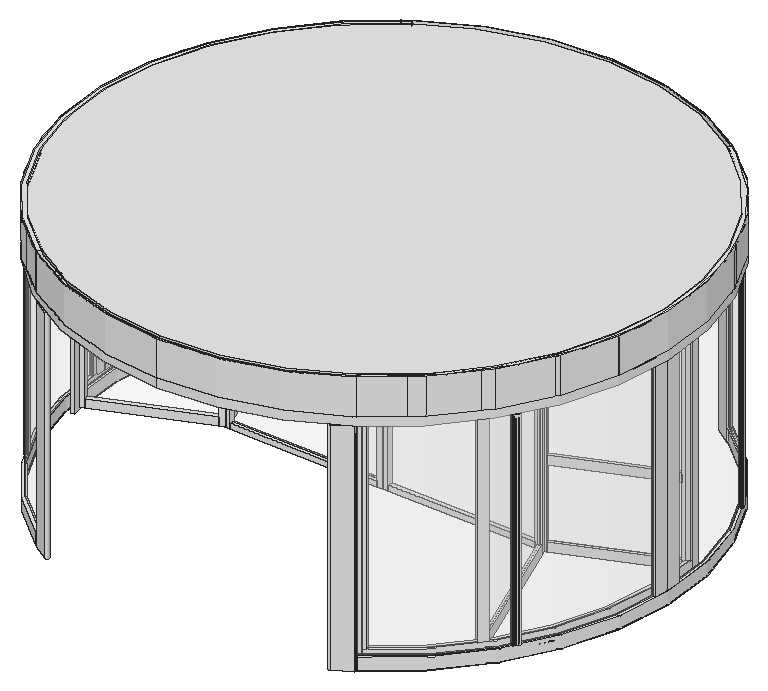
Revit family "Assa-Abloy_ Revolving_UniTurn", category Doors, host Wall, Revit 2019 (continued)
Lines and regions (mm)
  symbolic lines, detail levels medium+fine
    curve 510: line (2360.946, 1369.195, 2117.1) -> (2360.964, 1367.088, 2117.1)
    curve 511: arc (2360.964, 1367.088, 2117.1) -> (2361.175, 1366.482, 2117.1) -> (2361.709, 1366.129, 2117.1) r 1
    curve 512: arc (2361.709, 1366.129, 2117.1) -> (2363.764, 1363.844, 2117.1) -> (2362.484, 1361.05, 2117.1) r 2.8
    curve 513: arc (2362.484, 1361.05, 2117.1) -> (2359.348, 1361.158, 2117.1) -> (2358.282, 1364.111, 2117.1) r 2.8
    curve 514: arc (2358.282, 1364.111, 2117.1) -> (2358.232, 1364.749, 2117.1) -> (2357.805, 1365.227, 2117.1) r 1
    curve 515: line (2357.805, 1365.227, 2117.1) -> (2355.971, 1366.265, 2117.1)
    curve 516: line (2355.971, 1366.265, 2117.1) -> (2352.329, 1364.12, 2117.1)
    curve 517: line (2352.329, 1364.12, 2117.1) -> (2352.348, 1362.012, 2117.1)
    curve 518: arc (2352.348, 1362.012, 2117.1) -> (2352.558, 1361.407, 2117.1) -> (2353.093, 1361.054, 2117.1) r 1
    curve 519: arc (2353.093, 1361.054, 2117.1) -> (2355.12, 1358.923, 2117.1) -> (2354.125, 1356.156, 2117.1) r 2.8
    curve 520: arc (2354.125, 1356.156, 2117.1) -> (2350.861, 1355.994, 2117.1) -> (2349.666, 1359.035, 2117.1) r 2.8
    curve 521: arc (2349.666, 1359.035, 2117.1) -> (2349.616, 1359.674, 2117.1) -> (2349.189, 1360.152, 2117.1) r 1
    curve 522: line (2349.189, 1360.152, 2117.1) -> (2347.355, 1361.189, 2117.1)
    curve 523: line (2347.355, 1361.189, 2117.1) -> (2336.918, 1355.041, 2117.1)
    curve 524: line (2336.918, 1355.041, 2117.1) -> (2337.679, 1353.749, 2117.1)
    curve 525: line (2337.679, 1353.749, 2117.1) -> (2345.434, 1358.317, 2117.1)
    curve 526: arc (2345.434, 1358.317, 2117.1) -> (2346.192, 1358.423, 2117.1) -> (2346.803, 1357.963, 2117.1) r 1
    curve 527: line (2346.803, 1357.963, 2117.1) -> (2349.34, 1353.655, 2117.1)
    curve 528: arc (2349.34, 1353.655, 2117.1) -> (2349.447, 1352.897, 2117.1) -> (2348.986, 1352.285, 2117.1) r 1
    curve 529: line (2348.986, 1352.285, 2117.1) -> (2345.023, 1349.951, 2117.1)
    curve 530: arc (2345.023, 1349.951, 2117.1) -> (2344.644, 1349.897, 2117.1) -> (2344.338, 1350.128, 2117.1) r 0.5
    curve 531: line (2344.338, 1350.128, 2117.1) -> (2343.932, 1350.818, 2117.1)
    curve 532: arc (2343.932, 1350.818, 2117.1) -> (2343.879, 1351.197, 2117.1) -> (2344.109, 1351.502, 2117.1) r 0.5
    curve 533: line (2344.109, 1351.502, 2117.1) -> (2345.057, 1352.061, 2117.1)
    curve 534: arc (2345.057, 1352.061, 2117.1) -> (2345.287, 1352.366, 2117.1) -> (2345.234, 1352.745, 2117.1) r 0.5
    curve 535: arc (2345.234, 1352.745, 2117.1) -> (2344.928, 1352.975, 2117.1) -> (2344.549, 1352.922, 2117.1) r 0.5
    curve 536: line (2344.549, 1352.922, 2117.1) -> (2341.933, 1351.382, 2117.1)
    curve 537: line (2341.933, 1351.382, 2117.1) -> (2341.333, 1347.575, 2117.1)
    curve 538: line (2341.333, 1347.575, 2117.1) -> (2341.989, 1346.423, 2117.1)
    curve 539: line (2341.989, 1346.423, 2117.1) -> (2367.842, 1361.651, 2117.1)
    curve 540: arc (2367.842, 1361.651, 2117.1) -> (2370.116, 1361.971, 2117.1) -> (2371.949, 1360.589, 2117.1) r 3
    curve 541: line (2371.949, 1360.589, 2117.1) -> (2380.578, 1345.941, 2117.1)
    curve 542: arc (2380.578, 1345.941, 2117.1) -> (2379.958, 1343.545, 2117.1) -> (2377.562, 1344.165, 2117.1) r 1.75
    curve 543: arc (2377.562, 1344.165, 2117.1) -> (2376.443, 1345.437, 2117.1) -> (2374.933, 1346.204, 2117.1) r 4.5
    curve 544: arc (2374.933, 1346.204, 2117.1) -> (2374.089, 1346.068, 2117.1) -> (2373.659, 1345.33, 2117.1) r 1
    curve 545: arc (2373.659, 1345.33, 2117.1) -> (2373.824, 1344.833, 2117.1) -> (2374.3, 1344.613, 2117.1) r 0.661
    curve 546: arc (2374.3, 1344.613, 2117.1) -> (2374.824, 1344.439, 2117.1) -> (2375.303, 1344.166, 2117.1) r 2.8
    curve 547: arc (2375.303, 1344.166, 2117.1) -> (2376.484, 1341.905, 2117.1) -> (2375.342, 1339.624, 2117.1) r 2.8
    curve 548: arc (2375.342, 1339.624, 2117.1) -> (2372.082, 1339.585, 2117.1) -> (2370.994, 1342.657, 2117.1) r 2.8
    curve 549: arc (2370.994, 1342.657, 2117.1) -> (2371.061, 1343.142, 2117.1) -> (2370.765, 1343.533, 2117.1) r 0.64
    curve 550: arc (2370.765, 1343.533, 2117.1) -> (2369.869, 1343.577, 2117.1) -> (2369.298, 1342.886, 2117.1) r 1
    curve 551: arc (2369.298, 1342.886, 2117.1) -> (2369.238, 1341.192, 2117.1) -> (2369.807, 1339.597, 2117.1) r 4.5
    curve 552: line (2369.807, 1339.597, 2117.1) -> (2370.416, 1338.563, 2117.1)
    curve 553: arc (2370.416, 1338.563, 2117.1) -> (2370.629, 1337.047, 2117.1) -> (2369.708, 1335.825, 2117.1) r 2
    curve 554: line (2369.708, 1335.825, 2117.1) -> (2366.262, 1333.795, 2117.1)
    curve 555: line (2366.262, 1333.795, 2117.1) -> (2367.175, 1332.244, 2117.1)
    curve 556: line (2367.175, 1332.244, 2117.1) -> (2384.839, 1342.648, 2117.1)
    curve 557: line (2335.985, 1350.662, 2117.1) -> (2324.944, 1369.407, 2117.1)
    curve 558: line (2324.944, 1369.407, 2117.1) -> (2324.708, 1370.792, 2117.1)
    curve 559: line (2324.708, 1370.792, 2117.1) -> (2322.968, 1371.777, 2117.1)
    curve 560: line (2322.968, 1371.777, 2117.1) -> (2322.455, 1372.647, 2117.1)
    curve 561: line (2322.455, 1372.647, 2117.1) -> (2323.324, 1373.142, 2117.1)
    curve 562: line (2323.324, 1373.142, 2117.1) -> (2322.069, 1375.272, 2117.1)
    curve 563: line (2322.069, 1375.272, 2117.1) -> (2319.897, 1374.035, 2117.1)
    curve 564: line (2319.897, 1374.035, 2117.1) -> (2350.351, 1322.334, 2117.1)
    curve 565: line (2350.351, 1322.334, 2117.1) -> (2352.505, 1323.602, 2117.1)
    curve 566: line (2352.505, 1323.602, 2117.1) -> (2351.236, 1325.757, 2117.1)
    curve 567: line (2351.236, 1325.757, 2117.1) -> (2350.375, 1325.249, 2117.1)
    curve 568: line (2350.375, 1325.249, 2117.1) -> (2349.867, 1326.111, 2117.1)
    curve 569: line (2349.867, 1326.111, 2117.1) -> (2349.85, 1328.111, 2117.1)
    curve 570: line (2349.85, 1328.111, 2117.1) -> (2348.775, 1328.949, 2117.1)
    curve 571: line (2348.775, 1328.949, 2117.1) -> (2337.61, 1347.905, 2117.1)
    curve 572: arc (2337.61, 1347.905, 2117.1) -> (2337.503, 1348.663, 2117.1) -> (2337.964, 1349.274, 2117.1) r 1
    curve 573: line (2337.964, 1349.274, 2117.1) -> (2345.873, 1353.933, 2117.1)
    curve 574: arc (2345.873, 1353.933, 2117.1) -> (2345.274, 1354.546, 2117.1) -> (2344.42, 1354.47, 2117.1) r 1
    curve 575: line (2344.42, 1354.47, 2117.1) -> (2337.355, 1350.308, 2117.1)
    curve 576: arc (2337.355, 1350.308, 2117.1) -> (2336.597, 1350.202, 2117.1) -> (2335.985, 1350.662, 2117.1) r 1
    curve 586: line (2589.925, 537.908, 2197.1) -> (2550.514, 530.959, 2197.1)
    curve 587: arc (2550.514, 530.959, 2197.1) -> (2558.367, 491.731, 2197.1) -> (2565.616, 452.387, 2197.1) r 2605.195
    curve 588: line (2565.616, 452.387, 2197.1) -> (2605.008, 459.333, 2197.1)
    curve 589: arc (2605.008, 459.333, 2197.1) -> (2597.764, 498.678, 2197.1) -> (2589.925, 537.908, 2197.1) r 2645.195
    curve 590: line (2605.008, 459.333, 2197.1) -> (2565.616, 452.387, 2197.1)
    curve 591: arc (2565.616, 452.387, 2197.1) -> (2569.014, 432.677, 2197.1) -> (2572.26, 412.942, 2197.1) r 2605.195
    curve 592: line (2572.26, 412.942, 2197.1) -> (2611.656, 419.888, 2197.1)
    curve 593: arc (2611.656, 419.888, 2197.1) -> (2608.407, 439.623, 2197.1) -> (2605.008, 459.333, 2197.1) r 2645.195
    curve 594: line (2561.584, 474.686, 2197.1) -> (2512.771, 451.354, 2197.1)
    curve 595: line (2512.771, 451.354, 2197.1) -> (2532.819, 416.63, 2197.1)
    curve 596: line (2532.819, 416.63, 2197.1) -> (2568.758, 434.19, 2197.1)
    curve 597: arc (2568.758, 434.19, 2197.1) -> (2565.251, 454.452, 2197.1) -> (2561.584, 474.686, 2197.1) r 2605.195
    curve 598: line (2605.008, 459.333, 2197.1) -> (2565.616, 452.387, 2197.1)
    curve 599: arc (1494.278, -2134.051, 2197.1) -> (2406.886, -996.965, 2197.1) -> (2565.616, 452.387, 2197.1) r 2605.195
    curve 600: arc (1517.221, -2166.817, 2197.1) -> (2443.841, -1012.272, 2197.1) -> (2605.008, 459.333, 2197.1) r 2645.195
    curve 601: line (1517.221, -2166.817, 2197.1) -> (1494.278, -2134.051, 2197.1)
    curve 602: line (2189.512, -1484.282, 2197.1) -> (2145.134, -1453.208, 2197.1)
    curve 603: arc (2145.134, -1453.208, 2197.1) -> (2122.443, -1486.151, 2197.1) -> (2099.247, -1518.74, 2197.1) r 2591.025
    curve 604: line (2099.247, -1518.74, 2197.1) -> (2143.626, -1549.814, 2197.1)
    curve 605: arc (2143.626, -1549.814, 2197.1) -> (2166.817, -1517.221, 2197.1) -> (2189.512, -1484.282, 2197.1) r 2645.195
    curve 606: line (2128.308, -1440.096, 2197.1) -> (2091.189, -1455.274, 2197.1)
    curve 607: line (2091.189, -1455.274, 2197.1) -> (2105.389, -1498.625, 2197.1)
    curve 608: line (2105.389, -1498.625, 2197.1) -> (2110.909, -1502.49, 2197.1)
    curve 609: arc (2110.909, -1502.49, 2197.1) -> (2123.869, -1484.112, 2197.1) -> (2136.67, -1465.623, 2197.1) r 2591.025
    curve 610: line (2136.67, -1465.623, 2197.1) -> (2128.308, -1440.096, 2197.1)
    curve 611: arc (1494.278, -2134.051, 2197.1) -> (1461.332, -2156.745, 2197.1) -> (1428.042, -2178.93, 2197.1) r 2605.195
    curve 612: line (1428.042, -2178.93, 2197.1) -> (1450.995, -2211.712, 2197.1)
    curve 613: arc (1450.995, -2211.712, 2197.1) -> (1484.278, -2189.515, 2197.1) -> (1517.221, -2166.817, 2197.1) r 2645.195
    curve 614: line (1517.221, -2166.817, 2197.1) -> (1494.278, -2134.051, 2197.1)
    curve 615: arc (1526.868, -2110.856, 2197.1) -> (1510.618, -2122.516, 2197.1) -> (1494.278, -2134.051, 2197.1) r 2605.195
    curve 616: line (1494.278, -2134.051, 2197.1) -> (1517.221, -2166.817, 2197.1)
    curve 617: arc (1517.221, -2166.817, 2197.1) -> (1533.562, -2155.283, 2197.1) -> (1549.814, -2143.626, 2197.1) r 2645.195
    curve 618: line (1549.814, -2143.626, 2197.1) -> (1526.868, -2110.856, 2197.1)
    curve 619: arc (-2550.514, -530.959, 2197.1) -> (-2558.367, -491.731, 2197.1) -> (-2565.616, -452.387, 2197.1) r 2605.195
    curve 620: line (-2565.616, -452.387, 2197.1) -> (-2605.008, -459.333, 2197.1)
    curve 621: arc (-2605.008, -459.333, 2197.1) -> (-2597.764, -498.678, 2197.1) -> (-2589.925, -537.908, 2197.1) r 2645.195
    curve 622: line (-2589.925, -537.908, 2197.1) -> (-2550.514, -530.959, 2197.1)
    curve 623: line (-2572.234, -413.103, 2197.1) -> (-2611.631, -420.044, 2197.1)
    curve 624: arc (-2611.631, -420.044, 2197.1) -> (-2608.394, -439.701, 2197.1) -> (-2605.008, -459.333, 2197.1) r 2645.195
    curve 625: line (-2605.008, -459.333, 2197.1) -> (-2565.616, -452.387, 2197.1)
    curve 626: arc (-2565.616, -452.387, 2197.1) -> (-2569, -432.758, 2197.1) -> (-2572.234, -413.103, 2197.1) r 2605.195
    curve 627: line (-2565.616, -452.387, 2197.1) -> (-2605.008, -459.333, 2197.1)
    curve 628: arc (-2565.616, -452.387, 2197.1) -> (-2406.886, 996.965, 2197.1) -> (-1494.278, 2134.051, 2197.1) r 2605.195
    curve 629: arc (-2605.008, -459.333, 2197.1) -> (-2443.841, 1012.272, 2197.1) -> (-1517.221, 2166.817, 2197.1) r 2645.195
    curve 630: line (-1494.278, 2134.051, 2197.1) -> (-1517.221, 2166.817, 2197.1)
    curve 631: arc (-2567.421, -442.031, 2197.1) -> (-2564.554, -458.368, 2197.1) -> (-2561.584, -474.686, 2197.1) r 2605.195
    curve 632: line (-2561.584, -474.686, 2197.1) -> (-2516.356, -455.035, 2197.1)
    curve 633: line (-2516.356, -455.035, 2197.1) -> (-2532.296, -418.348, 2197.1)
    curve 634: line (-2532.296, -418.348, 2197.1) -> (-2567.421, -442.031, 2197.1)
    curve 635: arc (-2143.626, 1549.814, 2197.1) -> (-2166.817, 1517.221, 2197.1) -> (-2189.512, 1484.282, 2197.1) r 2645.195
    curve 636: line (-2189.512, 1484.282, 2197.1) -> (-2156.742, 1461.336, 2197.1)
    curve 637: arc (-2156.742, 1461.336, 2197.1) -> (-2134.051, 1494.278, 2197.1) -> (-2110.856, 1526.868, 2197.1) r 2605.195
    curve 638: line (-2110.856, 1526.868, 2197.1) -> (-2143.626, 1549.814, 2197.1)
    curve 639: line (-2105.827, 1498.931, 2197.1) -> (-2122.516, 1510.617, 2197.1)
    curve 640: arc (-2122.516, 1510.617, 2197.1) -> (-2134.051, 1494.278, 2197.1) -> (-2145.459, 1477.851, 2197.1) r 2605.195
    curve 641: line (-2145.459, 1477.851, 2197.1) -> (-2139.689, 1473.811, 2197.1)
    curve 642: line (-2139.689, 1473.811, 2197.1) -> (-2133.035, 1453.497, 2197.1)
    curve 643: line (-2133.035, 1453.497, 2197.1) -> (-2095.023, 1465.948, 2197.1)
    curve 644: line (-2095.023, 1465.948, 2197.1) -> (-2105.827, 1498.931, 2197.1)
    curve 645: arc (-1517.221, 2166.817, 2197.1) -> (-1533.562, 2155.283, 2197.1) -> (-1549.814, 2143.626, 2197.1) r 2645.195
    curve 646: line (-1549.814, 2143.626, 2197.1) -> (-1526.868, 2110.856, 2197.1)
    curve 647: arc (-1526.868, 2110.856, 2197.1) -> (-1510.618, 2122.516, 2197.1) -> (-1494.278, 2134.051, 2197.1) r 2605.195
    curve 648: line (-1494.278, 2134.051, 2197.1) -> (-1517.221, 2166.817, 2197.1)
    curve 649: arc (-1450.995, 2211.712, 2197.1) -> (-1484.278, 2189.515, 2197.1) -> (-1517.221, 2166.817, 2197.1) r 2645.195
    curve 650: line (-1517.221, 2166.817, 2197.1) -> (-1494.278, 2134.051, 2197.1)
    curve 651: arc (-1494.278, 2134.051, 2197.1) -> (-1461.332, 2156.745, 2197.1) -> (-1428.042, 2178.93, 2197.1) r 2605.195
    curve 652: line (-1428.042, 2178.93, 2197.1) -> (-1450.995, 2211.712, 2197.1)
    curve 653: line (-1525.231, 67.347, 2197.1) -> (-2098.716, 1466.263, 2197.1)
    curve 654: line (-2098.716, 1466.263, 2197.1) -> (-2135.727, 1451.09, 2197.1)
    curve 655: line (-2135.727, 1451.09, 2197.1) -> (-1562.242, 52.175, 2197.1)
    curve 656: line (-1562.242, 52.175, 2197.1) -> (-1525.231, 67.347, 2197.1)
    curve 661: line (-1561.334, -40.096, 2197.1) -> (-1577.274, -3.409, 2197.1)
    curve 662: line (-1577.274, -3.409, 2197.1) -> (-2532.296, -418.348, 2197.1)
    curve 663: line (-2532.296, -418.348, 2197.1) -> (-2516.356, -455.035, 2197.1)
    curve 664: line (-2516.356, -455.035, 2197.1) -> (-1561.334, -40.096, 2197.1)
    curve 669: line (1563.894, -2.404, 2197.1) -> (2529.826, 417.275, 2197.1)
    curve 670: line (2529.826, 417.275, 2197.1) -> (2513.886, 453.962, 2197.1)
    curve 671: line (2513.886, 453.962, 2197.1) -> (1547.954, 34.283, 2197.1)
    curve 672: line (1547.954, 34.283, 2197.1) -> (1563.894, -2.404, 2197.1)
    curve 677: line (2128.376, -1440.085, 2197.1) -> (1560.427, -48.013, 2197.1)
    curve 678: line (1560.427, -48.013, 2197.1) -> (1523.391, -63.123, 2197.1)
    curve 679: line (1523.391, -63.123, 2197.1) -> (2091.34, -1455.196, 2197.1)
    curve 680: line (2091.34, -1455.196, 2197.1) -> (2128.376, -1440.085, 2197.1)
    curve 685: line (-1525.231, 67.347, 2117.1) -> (-1562.242, 52.175, 2117.1)
    curve 686: line (-1562.242, 52.175, 2117.1) -> (-1545.173, 10.538, 2117.1)
    curve 687: line (-1545.173, 10.538, 2117.1) -> (-1577.274, -3.409, 2117.1)
    curve 688: line (-1577.274, -3.409, 2117.1) -> (-1561.334, -40.096, 2117.1)
    curve 689: line (-1561.334, -40.096, 2117.1) -> (-1511.65, -18.509, 2117.1)
    curve 690: line (-1511.65, -18.509, 2117.1) -> (-1527.721, 20.693, 2117.1)
    curve 691: line (-1527.721, 20.693, 2117.1) -> (-1510.268, 30.848, 2117.1)
    curve 692: line (-1510.268, 30.848, 2117.1) -> (-1525.231, 67.347, 2117.1)
    curve 693: line (-1467.237, 20, 2197.1) -> (-1519.238, 20, 2197.1)
    curve 694: line (-1519.238, 20, 2197.1) -> (-1519.238, -20, 2197.1)
    curve 695: line (-1519.238, -20, 2197.1) -> (-1467.237, -20, 2197.1)
    curve 696: line (-1467.237, -20, 2197.1) -> (-1467.237, 20, 2197.1)
    curve 697: line (-52, 20, 2197.1) -> (-1467.237, 20, 2197.1)
    curve 698: line (-1467.237, 20, 2197.1) -> (-1467.237, -20, 2197.1)
    curve 699: line (-1467.237, -20, 2197.1) -> (-52, -20, 2197.1)
    curve 700: line (-52, 20, 2197.1) -> (-52, -20, 2197.1)
    curve 705: line (0, 20, 2197.1) -> (-52, 20, 2197.1)
    curve 706: line (-52, 20, 2197.1) -> (-52, -20, 2197.1)
    curve 707: line (-52, -20, 2197.1) -> (0, -20, 2197.1)
    curve 708: line (0, -20, 2197.1) -> (0, 20, 2197.1)
    curve 709: line (52, 20, 2197.1) -> (0, 20, 2197.1)
    curve 710: line (0, 20, 2197.1) -> (0, -20, 2197.1)
    curve 711: line (0, -20, 2197.1) -> (52, -20, 2197.1)
    curve 712: line (52, -20, 2197.1) -> (52, 20, 2197.1)
    curve 713: line (1467.237, 20, 2197.1) -> (52, 20, 2197.1)
    curve 714: line (52, -20, 2197.1) -> (52, 20, 2197.1)
    curve 715: line (52, -20, 2197.1) -> (1467.237, -20, 2197.1)
    curve 716: line (1467.237, -20, 2197.1) -> (1467.237, 20, 2197.1)
    curve 721: line (1519.237, 20, 2197.1) -> (1467.237, 20, 2197.1)
    curve 722: line (1467.237, 20, 2197.1) -> (1467.237, -20, 2197.1)
    curve 723: line (1467.237, -20, 2197.1) -> (1519.237, -20, 2197.1)
    curve 724: line (1519.237, -20, 2197.1) -> (1519.237, 20, 2197.1)
    curve 725: line (1548.344, 34.452, 2197.1) -> (1511.68, 18.523, 2197.1)
    curve 726: line (1511.68, 18.523, 2197.1) -> (1526.795, -18.523, 2197.1)
    curve 727: line (1526.795, -18.523, 2197.1) -> (1508.447, -26.495, 2197.1)
    curve 728: line (1508.447, -26.495, 2197.1) -> (1523.561, -63.54, 2197.1)
    curve 729: line (1523.561, -63.54, 2197.1) -> (1560.326, -47.566, 2197.1)
    curve 730: line (1560.326, -47.566, 2197.1) -> (1545.165, -10.541, 2197.1)
    curve 731: line (1545.165, -10.541, 2197.1) -> (1563.505, -2.573, 2197.1)
    curve 732: line (1563.505, -2.573, 2197.1) -> (1548.344, 34.452, 2197.1)
    curve 734: arc (-2724.986, -136.21, 2117.1) -> (-2727.821, -68.48, 2117.1) -> (-2728.779, -0.697, 2117.1) r 2447.41
Text (mm)
  text "Exterior" at (-2295.016, 1099.543, 0), in view "Ref. Level"
  text "Exterior" at (0, 1615.38, 3698.081), in view "Left"
  text "Exterior" at (0, 1036.032, 3874.932), in view "Right"
Dimensions and locks
  equal spacing: plane 3 "Left", plane 2 "Center (Left/Right)", plane 4 "Right"
  "Width": plane 3 "Left" to plane 4 "Right"
  "Height": host wall to plane 12
  host wall to plane 5 = 8' - 4"
  locked: plane 6 "Exterior" to host wall at 0
  locked: plane 7 "Interior" to host wall
  "TW": plane 8 to plane 9
  equal spacing: plane 8, plane 2 "Center (Left/Right)", plane 9
  "Distance": plane 10 to plane 8
  "Distance": plane 9 to plane 11
  "Ref line width": curve 1 to curve 1
  "Ref line width": curve 2 to curve 2
  "Top Height Calc": plane 5 to plane 12
  "Radius 1": curve 4 to curve 4
  "Radius 1": curve 5 to curve 5
  "Radius 1": curve 6 to curve 6
  "Radius 1": curve 7 to curve 7
  "Radius 1": curve 8 to curve 8
  "Radius 1": curve 9 to curve 9
  "Radius 1": curve 10 to curve 10
  Sweep 16 sketch curve to Sweep 16 sketch curve to Sweep 16 sketch curve to Sweep 16 sketch curve to Sweep 16 sketch curve to Sweep 16 sketch curve to Sweep 16 sketch curve to Sweep 16 sketch curve to curve 10 to Sweep 16 sketch curve to Sweep 16 sketch curve = 0' - 0.03574" locked, 0' - 0.0292" locked, 0' - 0.02618" locked, 0' - 0.10641" locked, 0' - 0.02921" locked, 0' - 0.19103" locked, 0' - 0.03232" locked, 0' - 5.16789" locked, 0' - 1.99675" locked, 0' - 0.08874" locked
  "Radius 1": curve 11 to curve 11
  "Radius 1": curve 12 to curve 12
  "Radius 1": curve 13 to curve 13
  Sweep 16 sketch curve to Sweep 16 sketch curve to Sweep 16 sketch curve to Sweep 16 sketch curve to Sweep 16 sketch curve to Sweep 16 sketch curve = 0' - 0.32786" locked, 0' - 0.37447" locked, 0' - 0 1/128" locked, 0' - 0.45826" locked, 0' - 0.405" locked
  Sweep 19 sketch curve to Sweep 19 sketch curve to Sweep 19 sketch curve to Sweep 19 sketch curve to Sweep 19 sketch curve to Sweep 19 sketch curve to Sweep 19 sketch curve to profile plane to Sweep 19 sketch curve to Sweep 19 sketch curve = 0' - 0.03574" locked, 0' - 0.0292" locked, 0' - 0.02618" locked, 0' - 0.10641" locked, 0' - 0.02921" locked, 0' - 0.19103" locked, 0' - 5.20907" locked, 0' - 1.98788" locked, 0' - 0.08874" locked
  Sweep 17 sketch curve to Sweep 17 sketch curve to profile plane to Sweep 17 sketch curve to Sweep 17 sketch curve to Sweep 17 sketch curve to Sweep 17 sketch curve to Sweep 17 sketch curve to Sweep 17 sketch curve to Sweep 17 sketch curve = 0' - 0.08874" locked, 0' - 1.98788" locked, 0' - 5.20907" locked, 0' - 0.19103" locked, 0' - 0.02921" locked, 0' - 0.10641" locked, 0' - 0.02618" locked, 0' - 0.0292" locked, 0' - 0.03574" locked
  Sweep 18 sketch curve to Sweep 18 sketch curve to Sweep 18 sketch curve to Sweep 18 sketch curve to Sweep 18 sketch curve to Sweep 18 sketch curve to Sweep 18 sketch curve to profile plane to Sweep 18 sketch curve to Sweep 18 sketch curve = 0' - 0.03574" locked, 0' - 0.0292" locked, 0' - 0.02618" locked, 0' - 0.10641" locked, 0' - 0.02921" locked, 0' - 0.19103" locked, 0' - 5.20907" locked, 0' - 1.98788" locked, 0' - 0.08874" locked
  locked: Extrusion 8 to plane 12 at 26
  plane 12 to Sweep 20 sketch curve to Sweep 20 sketch curve = 0' - 2.55906" locked, 0' - 0.59055" locked
  Sweep 15 sketch curve to Sweep 15 sketch curve to Sweep 15 sketch curve to Sweep 15 sketch curve to Sweep 15 sketch curve to plane 4 "Right" = 0' - 2.3622" locked, 0' - 3.54331" locked, 0' - 0.15748" locked, 0' - 0.43418" locked, 0' - 1.73117" locked
  "Ref line width": curve 16 to curve 16
  "Ref line width": curve 17 to curve 17
  locked: Sweep 21 sketch curve to Sweep 21 sketch curve at 52  (x2)
  Sweep 20 to Sweep 22 sketch curve = 0' - 1.10236"
  Extrusion 23 sketch curve to curve 17 to Extrusion 23 sketch curve = 0' - 0.11811" locked, 0' - 0.11811" locked
  locked: Sweep 24 sketch curve to profile plane at 52
  locked: Sweep 24 sketch curve to Sweep 24 sketch curve at 52
  Extrusion 26 sketch curve to curve 16 to Extrusion 26 sketch curve = 0' - 0.11811" locked, 0' - 0.11811" locked
  "DR Distance": curve 18 to curve 18
  "DR Distance": curve 19 to curve 19
  locked: plane 12 to Extrusion 26 at 52
  plane 12 to Extrusion 28 = 0' - 0"
  locked: Extrusion 28 sketch curve to Extrusion 28 sketch curve at 80
  locked: Extrusion 28 sketch curve to curve 19 at 0
  plane 12 to Sweep 27 sketch curve to Sweep 27 sketch curve to Sweep 27 sketch curve to Sweep 27 sketch curve to Sweep 27 sketch curve = 0' - 0.07997" locked, 0' - 0.03755" locked, 0' - 0.07835" locked, 0' - 2.36162" locked, 0' - 0.59212" locked
  "DR Distance": curve 20 to curve 20
  locked: curve 20 to curve 21 at 5
  curve 16 to curve 21 = 0' - 0"
  locked: curve 21 to curve 16
  Extrusion 29 sketch curve to curve 20 to Extrusion 29 sketch curve = 0' - 1.5748" locked, 0' - 1.5748" locked
  locked: Extrusion 29 sketch curve to curve 19 at 0
  locked: plane 13 to plane 12 at 80
  Sweep 31 sketch curve to curve 20 to Sweep 31 sketch curve to Sweep 31 sketch curve to Sweep 31 sketch curve = 0' - 0.7874" locked, 0' - 0.03232" locked, 0' - 0.75508" locked, 0' - 0.50488" locked
  locked: curve 19 to Extrusion 28 sketch curve at 80
  locked: curve 18 to Extrusion 29 sketch curve at 40
  Sweep 31 sketch curve to curve 22 to Sweep 31 sketch curve = 0' - 0.7874" locked, 0' - 0.7874" locked
  Sweep 31 sketch curve to Sweep 31 sketch curve to Sweep 31 sketch curve = 0' - 0.44527" locked, 0' - 0.86072" locked
  locked: Sweep 32 sketch curve to level at 52
  Sweep 32 sketch curve to profile plane to Sweep 32 sketch curve = 0' - 0.7874" locked, 0' - 0.7874" locked
  Sweep 32 sketch curve to curve 22 to Sweep 32 sketch curve = 0' - 0.7874" locked, 0' - 0.7874" locked
  Sweep 32 sketch curve to Sweep 32 sketch curve = 0' - 1.37795"
  locked: plane 12 to Sweep 25 sketch curve at 52
  locked: Sweep 22 sketch curve to plane 12 at 52
  plane 5 to Sweep 15 sketch curve to Sweep 15 sketch curve to Sweep 15 sketch curve = 0' - 0.63419" locked, 0' - 1.55917" locked, 0' - 0.98425" locked
  Sweep 15 sketch curve to Sweep 15 sketch curve to plane 12 = 0' - 0.98425" locked, 0' - 3.14961" locked
  Sweep 31 sketch curve to plane 5 = 1' - 1 1/2"
  locked: Sweep 31 sketch curve to plane 13 at 80
  locked: plane 14 to level at 52
  Extrusion 37 sketch curve to curve 21 to Extrusion 37 sketch curve = 0' - 0.11811" locked, 0' - 0.11811" locked
  Extrusion 38 sketch curve to curve 22 to Extrusion 38 sketch curve = 0' - 0.11811" locked, 0' - 0.11811" locked
  "DR Distance": curve 23 to curve 23
  "DR Distance": curve 24 to curve 24
  "DR Distance": curve 25 to curve 25
  Sweep 39 sketch curve to Sweep 39 sketch curve to Sweep 39 sketch curve to Sweep 39 sketch curve to Sweep 39 sketch curve = 0' - 0.03755" locked, 0' - 0.07835" locked, 0' - 2.36162" locked, 0' - 0.59212" locked
  locked: curve 23 to Extrusion 28 sketch curve at 80
  locked: Extrusion 28 sketch curve to curve 24 at 80
  locked: curve 24 to Extrusion 29 sketch curve at 40
  Extrusion 29 sketch curve to curve 25 to Extrusion 29 sketch curve = 0' - 1.5748" locked, 0' - 1.5748" locked
  locked: Extrusion 29 sketch curve to Extrusion 29 sketch curve at 40
  locked: curve 26 to curve 23 at 0
  locked: curve 17 to curve 26
  locked: curve 25 to curve 27
  Sweep 31 sketch curve to curve 25 to Sweep 31 sketch curve to Sweep 31 sketch curve to Sweep 31 sketch curve = 0' - 0.7874" locked, 0' - 0.28999" locked, 0' - 0.69329" locked, 0' - 0.63443" locked
  Sweep 31 sketch curve to curve 26 to Sweep 31 sketch curve = 0' - 0.7874" locked, 0' - 0.7874" locked
  Sweep 31 sketch curve to Sweep 31 sketch curve to Sweep 31 sketch curve = 0' - 1.5748" locked, 0' - 0.10901" locked
  Sweep 40 sketch curve to curve 26 to Sweep 40 sketch curve to Sweep 40 sketch curve = 0' - 0.7874" locked, 0' - 0.7874" locked, 0' - 1.5748" locked
  locked: Sweep 40 sketch curve to curve 27 at 20
  Extrusion 45 sketch curve to curve 26 to Extrusion 45 sketch curve = 0' - 0.11811" locked, 0' - 0.11811" locked
  Extrusion 46 sketch curve to curve 27 to Extrusion 46 sketch curve = 0' - 0.11811" locked, 0' - 0.11811" locked
  locked: plane 15 to level at 800
  "Radius 1": radius of Sweep 1 sketch curve
  "Radius 4": radius of Extrusion 3 sketch curve
  "Radius 2": radius of Extrusion 3 sketch curve
  "Radius 1": radius of Sweep 5 sketch curve
  "Radius 1": radius of Sweep 6 sketch curve
  "Distance 1": radius of Extrusion 7 sketch curve
  "Distance 1": radius of Extrusion 8 sketch curve
  "Radius 1": radius of Sweep 2 sketch curve
  "Radius 1": radius of Sweep 15 sketch curve
  radius of Sweep 16 sketch curve = 6' - 0.44094"
  "DR Distance": radius of Sweep 27 sketch curve
  "DR Distance": radius of Sweep 39 sketch curve
  locked: curve 2 to curve 1 (angle 180.00°)
  locked: curve 4 to host wall (angle 30.00°)
  locked: host wall to curve 6 (angle 30.00°)
  angle host wall to curve 7 = 0.00°
  locked: host wall to curve 8 (angle 30.00°)
  locked: curve 9 to host wall (angle 30.00°)
  "Frame angle": angle curve 10 to plane 2 "Center (Left/Right)"
  "Frame angle": angle curve 11 to plane 2 "Center (Left/Right)"
  "Frame angle": angle plane 2 "Center (Left/Right)" to curve 12
  "Frame angle": angle plane 2 "Center (Left/Right)" to curve 13
  "DOA": angle curve 1 to curve 16
  "DOA": angle curve 17 to curve 2
  "Rotation Angle": angle plane 1 to curve 1
  locked: curve 1 to curve 19 (angle 10.00°)
  locked: curve 18 to curve 1 (angle 55.00°)
  locked: curve 20 to curve 19 (angle 45.00°)
  locked: curve 24 to curve 25 (angle 20.00°)
  locked: curve 24 to curve 2 (angle 55.00°)
  locked: curve 24 to curve 23 (angle 65.00°)
  aligned and locked: host wall to plane 1
  aligned and locked: Opening 1 sketch curve to plane 5
  aligned and locked: Opening 1 sketch curve to plane 3 "Left"
  aligned and locked: level to Opening 1 sketch curve
  aligned and locked: plane 4 "Right" to Opening 1 sketch curve
  aligned and locked: plane 10 to Sweep 1 sketch curve  (x2)
  aligned and locked: plane 1 to curve 1
  aligned and locked: plane 2 "Center (Left/Right)" to Extrusion 8 sketch curve
  aligned and locked: plane 1 to Extrusion 8 sketch curve
  aligned and locked: plane 2 "Center (Left/Right)" to Sweep 2 sketch curve
  aligned and locked: host wall to Sweep 2 sketch curve
  aligned and locked: plane 2 "Center (Left/Right)" to Sweep 6 sketch curve
  aligned and locked: host wall to Sweep 6 sketch curve
  aligned and locked: Sweep 4 sketch curve to Extrusion 3  (x2)
  aligned and locked: plane 11 to Sweep 15 sketch curve
  aligned and locked: Sweep 15 sketch curve to plane 11
  aligned and locked: plane 2 "Center (Left/Right)" to Sweep 15 sketch curve
  aligned and locked: host wall to Sweep 15 sketch curve
  aligned and locked: level to Sweep 16 sketch curve
  aligned and locked: plane 2 "Center (Left/Right)" to curve 11
  aligned and locked: plane 11 to Sweep 6 sketch curve
  aligned and locked: Sweep 6 sketch curve to plane 11
  aligned and locked: Extrusion 3 to plane 12
  aligned and locked: Extrusion 3 to Extrusion 8
  aligned and locked: Sweep 6 sketch curve to Sweep 5
  aligned and locked: Sweep 2 sketch curve to Sweep 1
  aligned and locked: Sweep 1 to Sweep 9 sketch curve
  aligned and locked: Sweep 1 to Sweep 11 sketch curve
  aligned and locked: Sweep 1 to Sweep 10 sketch curve
  aligned and locked: Sweep 5 to Sweep 12 sketch curve
  aligned and locked: Sweep 5 to Sweep 14 sketch curve
  aligned and locked: Sweep 5 to Sweep 13 sketch curve
  aligned and locked: plane 3 "Left" to Sweep 4 sketch curve
  aligned and locked: Sweep 20 sketch curve to plane 12
  aligned and locked: Sweep 20 sketch curve to Sweep 20 sketch curve
  aligned and locked: Sweep 15 sketch curve to plane 4 "Right"
  aligned and locked: Sweep 15 sketch curve to plane 12
  aligned and locked: Sweep 20 to Sweep 12 sketch curve
  aligned and locked: Sweep 20 to Sweep 6 sketch curve
  aligned and locked: Sweep 20 to Sweep 14 sketch curve
  aligned and locked: Sweep 20 to Sweep 13 sketch curve
  aligned and locked: Sweep 20 to Sweep 19 sketch curve
  aligned and locked: Sweep 20 to Sweep 17 sketch curve
  aligned and locked: Sweep 20 to Sweep 16 sketch curve
  aligned and locked: Sweep 20 to Sweep 18 sketch curve
  aligned and locked: Sweep 20 to Sweep 11 sketch curve
  aligned and locked: Sweep 20 to Sweep 9 sketch curve
  aligned and locked: Sweep 20 to Sweep 10 sketch curve
  aligned and locked: Sweep 2 sketch curve to Sweep 20
  aligned and locked: Sweep 21 sketch curve to curve 17
  aligned and locked: Sweep 21 sketch curve to Sweep 21 sketch curve  (x2)
  aligned and locked: Sweep 22 sketch curve to curve 17
  aligned and locked: Sweep 21 to Sweep 22 sketch curve  (x2)
  aligned and locked: Sweep 22 to Extrusion 23 sketch curve
  aligned and locked: Extrusion 23 sketch curve to Sweep 22
  aligned and locked: Sweep 24 sketch curve to curve 16
  aligned and locked: Sweep 25 sketch curve to curve 16
  aligned and locked: Sweep 24 to Sweep 25 sketch curve  (x2)
  aligned and locked: Sweep 25 to Extrusion 26 sketch curve
  aligned and locked: Extrusion 26 sketch curve to Sweep 25
  aligned and locked: Extrusion 26 to Sweep 22
  aligned and locked: curve 18 to plane 2 "Center (Left/Right)"
  aligned and locked: curve 18 to plane 1
  aligned and locked: curve 18 to Sweep 27 sketch curve
  aligned and locked: curve 19 to Sweep 27 sketch curve
  aligned and locked: Extrusion 23 to Extrusion 26
  aligned and locked: Extrusion 28 sketch curve to Sweep 27  (x5)
  aligned and locked: Extrusion 28 to Sweep 27
  aligned and locked: Sweep 27 sketch curve to plane 12
  aligned and locked: Sweep 27 sketch curve to Sweep 27 sketch curve  (x2)
  aligned and locked: plane 1 to curve 20
  aligned and locked: plane 2 "Center (Left/Right)" to curve 20
  aligned and locked: curve 22 to curve 19  (x2)
  aligned and locked: Extrusion 29 sketch curve to Sweep 27  (x7)
  aligned and locked: Extrusion 29 to Sweep 27
  aligned and locked: Extrusion 29 to plane 12
  aligned and locked: Extrusion 30 sketch curve to Sweep 27
  aligned and locked: Extrusion 29 to Extrusion 30 sketch curve
  aligned and locked: Extrusion 30 to Sweep 27
  aligned and locked: Extrusion 30 to Sweep 2
  aligned and locked: Extrusion 28 to plane 12
  aligned and locked: Sweep 31 sketch curve to Sweep 27  (x2)
  aligned and locked: Extrusion 29 sketch curve to Extrusion 28
  aligned and locked: Sweep 32 sketch curve to profile plane
  aligned and locked: Sweep 25 sketch curve to plane 12
  aligned and locked: plane 12 to Sweep 24 sketch curve
  aligned and locked: Sweep 22 sketch curve to plane 12
  aligned and locked: plane 12 to Sweep 21 sketch curve
  aligned and locked: Sweep 15 sketch curve to plane 5
  aligned and locked: curve 21 to Sweep 33 sketch curve
  aligned and locked: Sweep 31 to Sweep 33 sketch curve
  aligned and locked: Sweep 32 to Sweep 33 sketch curve
  aligned and locked: plane 12 to Sweep 32 sketch curve
  aligned and locked: Sweep 33 to Sweep 34 sketch curve  (x2)
  aligned and locked: curve 21 to Sweep 34 sketch curve
  aligned and locked: curve 22 to Sweep 35 sketch curve
  aligned and locked: Sweep 32 to Sweep 35 sketch curve
  aligned and locked: Sweep 31 to Sweep 35 sketch curve
  aligned and locked: plane 14 to Sweep 31 sketch curve
  aligned and locked: curve 22 to Sweep 36 sketch curve
  aligned and locked: Sweep 31 to Sweep 36 sketch curve
  aligned and locked: Sweep 32 to Sweep 36 sketch curve
  aligned and locked: plane 14 to Sweep 24 sketch curve
  aligned and locked: plane 14 to Sweep 21 sketch curve
  aligned and locked: Sweep 33 to Extrusion 37 sketch curve  (x2)
  aligned and locked: Extrusion 37 to Sweep 1
  aligned and locked: plane 13 to Extrusion 37
  aligned and locked: Sweep 36 to Extrusion 38 sketch curve  (x2)
  aligned and locked: Extrusion 38 to Sweep 25
  aligned and locked: plane 13 to Extrusion 38
  aligned and locked: Sweep 39 sketch curve to Sweep 39 sketch curve  (x2)
  aligned and locked: Sweep 39 sketch curve to curve 24
  aligned and locked: Sweep 39 sketch curve to curve 23
  aligned and locked: Sweep 39 sketch curve to plane 12
  aligned and locked: Sweep 39 to Extrusion 28 sketch curve  (x2)
  aligned and locked: Extrusion 28 sketch curve to Sweep 39  (x4)
  aligned and locked: Sweep 39 to Extrusion 29 sketch curve  (x2)
  aligned and locked: Extrusion 29 sketch curve to Sweep 39  (x5)
  aligned and locked: Extrusion 29 sketch curve to Sweep 15
  aligned and locked: Sweep 31 sketch curve to Extrusion 29
  aligned and locked: curve 23 to curve 26
  aligned and locked: curve 25 to curve 27
  aligned and locked: Sweep 31 sketch curve to Sweep 39
  aligned and locked: plane 14 to Sweep 40 sketch curve
  aligned and locked: plane 12 to Sweep 40 sketch curve
  aligned and locked: Sweep 40 sketch curve to curve 27
  aligned and locked: curve 26 to Sweep 41 sketch curve
  aligned and locked: Sweep 40 to Sweep 41 sketch curve
  aligned and locked: Sweep 31 to Sweep 41 sketch curve
  aligned and locked: curve 26 to Sweep 42 sketch curve
  aligned and locked: Sweep 40 to Sweep 42 sketch curve
  aligned and locked: Sweep 41 to Sweep 42 sketch curve
  aligned and locked: curve 27 to Sweep 43 sketch curve
  aligned and locked: Sweep 40 to Sweep 43 sketch curve
  aligned and locked: Sweep 31 to Sweep 43 sketch curve
  aligned and locked: curve 27 to Sweep 44 sketch curve
  aligned and locked: Sweep 43 to Sweep 44 sketch curve  (x2)
  aligned and locked: Sweep 42 to Extrusion 45 sketch curve  (x2)
  aligned and locked: Extrusion 45 to Sweep 41
  aligned and locked: plane 13 to Extrusion 45
  aligned and locked: Sweep 44 to Extrusion 46 sketch curve  (x2)
  aligned and locked: Sweep 5 to Extrusion 46
  aligned and locked: Sweep 12 to Extrusion 46
  aligned and locked: Extrusion 47 sketch curve to Sweep 39
  aligned and locked: Sweep 39 to Extrusion 47 sketch curve  (x2)
  aligned and locked: Sweep 21 to Extrusion 47
  aligned and locked: plane 13 to Extrusion 47
  aligned and locked: curve 22 to Sweep 48 sketch curve
  aligned and locked: Sweep 36 to Sweep 48 sketch curve  (x2)
  aligned and locked: curve 26 to Sweep 49 sketch curve
  aligned and locked: Sweep 42 to Sweep 49 sketch curve  (x2)
  aligned and locked: curve 28 to Extrusion 3
  aligned and locked: curve 29 to Sweep 18
  aligned and locked: curve 30 to Sweep 18
  aligned and locked: curve 31 to Sweep 18
  aligned and locked: curve 32 to Sweep 18
  aligned and locked: curve 33 to Sweep 18
  aligned and locked: curve 34 to Sweep 18
  aligned and locked: curve 35 to Sweep 18
  aligned and locked: curve 36 to Sweep 18
  aligned and locked: curve 37 to Sweep 18
  aligned and locked: curve 38 to Sweep 4
  aligned and locked: curve 39 to Sweep 4
  aligned and locked: curve 40 to Sweep 4
  aligned and locked: curve 41 to Sweep 4
  aligned and locked: curve 42 to Sweep 1
  aligned and locked: curve 43 to Sweep 1
  aligned and locked: curve 44 to Sweep 1
  aligned and locked: curve 45 to Sweep 1
  aligned and locked: curve 46 to Sweep 2
  aligned and locked: curve 47 to Sweep 2
  aligned and locked: curve 48 to Sweep 2
  aligned and locked: curve 49 to Sweep 2
  aligned and locked: curve 50 to Sweep 9
  aligned and locked: curve 51 to Sweep 9
  aligned and locked: curve 52 to Sweep 9
  aligned and locked: curve 53 to Sweep 9
  aligned and locked: curve 54 to Sweep 9
  aligned and locked: curve 55 to Sweep 9
  aligned and locked: curve 57 to Sweep 9
  aligned and locked: curve 58 to Sweep 9
  aligned and locked: curve 59 to Sweep 9
  aligned and locked: curve 60 to Sweep 9
  aligned and locked: curve 61 to Sweep 9
  aligned and locked: curve 62 to Sweep 9
  aligned and locked: curve 63 to Sweep 9
  aligned and locked: curve 64 to Sweep 9
  aligned and locked: curve 65 to Sweep 9
  aligned and locked: curve 66 to Sweep 9
  aligned and locked: curve 68 to Sweep 9
  aligned and locked: curve 70 to Sweep 9
  aligned and locked: curve 71 to Sweep 9
  aligned and locked: curve 72 to Sweep 9
  aligned and locked: curve 73 to Sweep 9
  aligned and locked: curve 74 to Sweep 9
  aligned and locked: curve 76 to Sweep 9
  aligned and locked: curve 78 to Sweep 9
  aligned and locked: curve 80 to Sweep 9
  aligned and locked: curve 82 to Sweep 9
  aligned and locked: curve 84 to Sweep 9
  aligned and locked: curve 85 to Sweep 9
  aligned and locked: curve 86 to Sweep 9
  aligned and locked: curve 87 to Sweep 9
  aligned and locked: curve 88 to Sweep 9
  aligned and locked: curve 89 to Sweep 9
  aligned and locked: curve 90 to Sweep 9
  aligned and locked: curve 92 to Sweep 9
  aligned and locked: curve 93 to Sweep 9
  aligned and locked: curve 94 to Sweep 9
  aligned and locked: curve 95 to Sweep 9
  aligned and locked: curve 96 to Sweep 9
  aligned and locked: curve 97 to Sweep 9
  aligned and locked: curve 99 to Sweep 9
  aligned and locked: curve 100 to Sweep 9
  aligned and locked: curve 102 to Sweep 9
  aligned and locked: curve 103 to Sweep 9
  aligned and locked: curve 104 to Sweep 9
  aligned and locked: curve 105 to Sweep 9
  aligned and locked: curve 106 to Sweep 9
  aligned and locked: curve 107 to Sweep 9
  aligned and locked: curve 108 to Sweep 9
  aligned and locked: curve 109 to Sweep 9
  aligned and locked: curve 110 to Sweep 9
  aligned and locked: curve 111 to Sweep 9
  aligned and locked: curve 112 to Sweep 9
  aligned and locked: curve 114 to Sweep 9
  aligned and locked: curve 116 to Sweep 9
  aligned and locked: curve 117 to Sweep 9
  aligned and locked: curve 118 to Sweep 9
  aligned and locked: curve 119 to Sweep 9
  aligned and locked: curve 120 to Sweep 9
  aligned and locked: curve 121 to Sweep 9
  aligned and locked: curve 122 to Sweep 9
  aligned and locked: curve 123 to Sweep 9
  aligned and locked: curve 124 to Sweep 9
  aligned and locked: curve 125 to Sweep 9
  aligned and locked: curve 127 to Sweep 9
  aligned and locked: curve 128 to Sweep 9
  aligned and locked: curve 129 to Sweep 9
  aligned and locked: curve 131 to Sweep 9
  aligned and locked: curve 132 to Sweep 9
  aligned and locked: curve 133 to Sweep 9
  aligned and locked: curve 134 to Sweep 9
  aligned and locked: curve 135 to Sweep 9
  aligned and locked: curve 136 to Sweep 9
  aligned and locked: curve 137 to Sweep 10
  aligned and locked: curve 138 to Sweep 10
  aligned and locked: curve 139 to Sweep 10
  aligned and locked: curve 140 to Sweep 10
  aligned and locked: curve 141 to Sweep 10
  aligned and locked: curve 142 to Sweep 10
  aligned and locked: curve 143 to Sweep 10
  aligned and locked: curve 144 to Sweep 10
  aligned and locked: curve 145 to Sweep 10
  aligned and locked: curve 146 to Sweep 10
  aligned and locked: curve 147 to Sweep 10
  aligned and locked: curve 148 to Sweep 10
  aligned and locked: curve 149 to Sweep 10
  aligned and locked: curve 150 to Sweep 10
  aligned and locked: curve 151 to Sweep 10
  aligned and locked: curve 152 to Sweep 10
  aligned and locked: curve 153 to Sweep 10
  aligned and locked: curve 154 to Sweep 10
  aligned and locked: curve 155 to Sweep 10
  aligned and locked: curve 156 to Sweep 10
  aligned and locked: curve 157 to Sweep 10
  aligned and locked: curve 158 to Sweep 10
  aligned and locked: curve 159 to Sweep 10
  aligned and locked: curve 160 to Sweep 10
  aligned and locked: curve 161 to Sweep 10
  aligned and locked: curve 162 to Sweep 10
  aligned and locked: curve 163 to Sweep 10
  aligned and locked: curve 164 to Sweep 10
  aligned and locked: curve 165 to Sweep 10
  aligned and locked: curve 166 to Sweep 10
  aligned and locked: curve 167 to Sweep 10
  aligned and locked: curve 168 to Sweep 10
  aligned and locked: curve 169 to Sweep 10
  aligned and locked: curve 170 to Sweep 10
  aligned and locked: curve 171 to Sweep 10
  aligned and locked: curve 172 to Sweep 10
  aligned and locked: curve 173 to Sweep 10
  aligned and locked: curve 174 to Sweep 10
  aligned and locked: curve 175 to Sweep 10
  aligned and locked: curve 176 to Sweep 10
  aligned and locked: curve 177 to Sweep 10
  aligned and locked: curve 178 to Sweep 10
  aligned and locked: curve 179 to Sweep 10
  aligned and locked: curve 180 to Sweep 10
  aligned and locked: curve 181 to Sweep 10
  aligned and locked: curve 182 to Sweep 10
  aligned and locked: curve 183 to Sweep 10
  aligned and locked: curve 184 to Sweep 10
  aligned and locked: curve 185 to Sweep 10
  aligned and locked: curve 186 to Sweep 10
  aligned and locked: curve 187 to Sweep 10
  aligned and locked: curve 188 to Sweep 10
  aligned and locked: curve 189 to Sweep 10
  aligned and locked: curve 190 to Sweep 10
  aligned and locked: curve 191 to Sweep 10
  aligned and locked: curve 192 to Sweep 10
  aligned and locked: curve 193 to Sweep 10
  aligned and locked: curve 194 to Sweep 10
  aligned and locked: curve 195 to Sweep 10
  aligned and locked: curve 196 to Sweep 10
  aligned and locked: curve 197 to Sweep 10
  aligned and locked: curve 198 to Sweep 10
  aligned and locked: curve 199 to Sweep 10
  aligned and locked: curve 200 to Sweep 10
  aligned and locked: curve 201 to Sweep 10
  aligned and locked: curve 202 to Sweep 10
  aligned and locked: curve 203 to Sweep 10
  aligned and locked: curve 204 to Sweep 10
  aligned and locked: curve 205 to Sweep 10
  aligned and locked: curve 206 to Sweep 10
  aligned and locked: curve 207 to Sweep 10
  aligned and locked: curve 208 to Sweep 10
  aligned and locked: curve 209 to Sweep 10
  aligned and locked: curve 210 to Sweep 10
  aligned and locked: curve 211 to Sweep 10
  aligned and locked: curve 212 to Sweep 10
  aligned and locked: curve 213 to Sweep 10
  aligned and locked: curve 214 to Sweep 11
  aligned and locked: curve 215 to Sweep 11
  aligned and locked: curve 217 to Sweep 11
  aligned and locked: curve 218 to Sweep 11
  aligned and locked: curve 219 to Sweep 11
  aligned and locked: curve 221 to Sweep 11
  aligned and locked: curve 222 to Sweep 11
  aligned and locked: curve 223 to Sweep 11
  aligned and locked: curve 224 to Sweep 11
  aligned and locked: curve 225 to Sweep 11
  aligned and locked: curve 226 to Sweep 11
  aligned and locked: curve 227 to Sweep 11
  aligned and locked: curve 228 to Sweep 11
  aligned and locked: curve 229 to Sweep 11
  aligned and locked: curve 230 to Sweep 11
  aligned and locked: curve 231 to Sweep 11
  aligned and locked: curve 232 to Sweep 11
  aligned and locked: curve 233 to Sweep 11
  aligned and locked: curve 235 to Sweep 11
  aligned and locked: curve 236 to Sweep 11
  aligned and locked: curve 237 to Sweep 11
  aligned and locked: curve 238 to Sweep 11
  aligned and locked: curve 239 to Sweep 11
  aligned and locked: curve 240 to Sweep 11
  aligned and locked: curve 241 to Sweep 11
  aligned and locked: curve 243 to Sweep 11
  aligned and locked: curve 244 to Sweep 11
  aligned and locked: curve 245 to Sweep 11
  aligned and locked: curve 246 to Sweep 11
  aligned and locked: curve 247 to Sweep 11
  aligned and locked: curve 248 to Sweep 11
  aligned and locked: curve 249 to Sweep 11
  aligned and locked: curve 250 to Sweep 11
  aligned and locked: curve 251 to Sweep 11
  aligned and locked: curve 252 to Sweep 11
  aligned and locked: curve 254 to Sweep 11
  aligned and locked: curve 256 to Sweep 11
  aligned and locked: curve 257 to Sweep 11
  aligned and locked: curve 258 to Sweep 11
  aligned and locked: curve 259 to Sweep 11
  aligned and locked: curve 260 to Sweep 11
  aligned and locked: curve 262 to Sweep 11
  aligned and locked: curve 264 to Sweep 11
  aligned and locked: curve 266 to Sweep 11
  aligned and locked: curve 268 to Sweep 11
  aligned and locked: curve 270 to Sweep 11
  aligned and locked: curve 271 to Sweep 11
  aligned and locked: curve 272 to Sweep 11
  aligned and locked: curve 273 to Sweep 11
  aligned and locked: curve 274 to Sweep 11
  aligned and locked: curve 275 to Sweep 11
  aligned and locked: curve 276 to Sweep 11
  aligned and locked: curve 278 to Sweep 11
  aligned and locked: curve 279 to Sweep 11
  aligned and locked: curve 280 to Sweep 11
  aligned and locked: curve 281 to Sweep 11
  aligned and locked: curve 282 to Sweep 11
  aligned and locked: curve 283 to Sweep 11
  aligned and locked: curve 285 to Sweep 11
  aligned and locked: curve 286 to Sweep 11
  aligned and locked: curve 288 to Sweep 11
  aligned and locked: curve 289 to Sweep 11
  aligned and locked: curve 290 to Sweep 11
  aligned and locked: curve 291 to Sweep 11
  aligned and locked: curve 292 to Sweep 11
  aligned and locked: curve 293 to Sweep 11
  aligned and locked: curve 294 to Sweep 11
  aligned and locked: curve 295 to Sweep 11
  aligned and locked: curve 296 to Sweep 11
  aligned and locked: curve 297 to Sweep 11
  aligned and locked: curve 298 to Sweep 11
  aligned and locked: curve 300 to Sweep 11
  aligned and locked: curve 301 to Sweep 16
  aligned and locked: curve 302 to Sweep 16
  aligned and locked: curve 303 to Sweep 16
  aligned and locked: curve 304 to Sweep 16
  aligned and locked: curve 305 to Sweep 16
  aligned and locked: curve 306 to Sweep 16
  aligned and locked: curve 307 to Sweep 16
  aligned and locked: curve 308 to Sweep 16
  aligned and locked: curve 309 to Sweep 16
  aligned and locked: curve 310 to Sweep 19
  aligned and locked: curve 311 to Sweep 19
  aligned and locked: curve 312 to Sweep 19
  aligned and locked: curve 313 to Sweep 19
  aligned and locked: curve 314 to Sweep 19
  aligned and locked: curve 315 to Sweep 19
  aligned and locked: curve 316 to Sweep 19
  aligned and locked: curve 317 to Sweep 19
  aligned and locked: curve 318 to Sweep 19
  aligned and locked: curve 319 to Sweep 6
  aligned and locked: curve 320 to Sweep 6
  aligned and locked: curve 321 to Sweep 6
  aligned and locked: curve 322 to Sweep 6
  aligned and locked: curve 323 to Sweep 15
  aligned and locked: curve 324 to Sweep 15
  aligned and locked: curve 325 to Sweep 15
  aligned and locked: curve 326 to Sweep 15
  aligned and locked: curve 327 to Sweep 14
  aligned and locked: curve 328 to Sweep 14
  aligned and locked: curve 329 to Sweep 14
  aligned and locked: curve 330 to Sweep 14
  aligned and locked: curve 332 to Sweep 14
  aligned and locked: curve 334 to Sweep 14
  aligned and locked: curve 336 to Sweep 14
  aligned and locked: curve 338 to Sweep 14
  aligned and locked: curve 339 to Sweep 14
  aligned and locked: curve 341 to Sweep 14
  aligned and locked: curve 342 to Sweep 14
  aligned and locked: curve 343 to Sweep 14
  aligned and locked: curve 344 to Sweep 14
  aligned and locked: curve 346 to Sweep 14
  aligned and locked: curve 347 to Sweep 14
  aligned and locked: curve 348 to Sweep 14
  aligned and locked: curve 349 to Sweep 14
  aligned and locked: curve 350 to Sweep 14
  aligned and locked: curve 351 to Sweep 14
  aligned and locked: curve 352 to Sweep 14
  aligned and locked: curve 353 to Sweep 14
  aligned and locked: curve 354 to Sweep 14
  aligned and locked: curve 355 to Sweep 14
  aligned and locked: curve 357 to Sweep 14
  aligned and locked: curve 359 to Sweep 14
  aligned and locked: curve 360 to Sweep 14
  aligned and locked: curve 361 to Sweep 14
  aligned and locked: curve 362 to Sweep 14
  aligned and locked: curve 363 to Sweep 14
  aligned and locked: curve 364 to Sweep 14
  aligned and locked: curve 365 to Sweep 14
  aligned and locked: curve 367 to Sweep 14
  aligned and locked: curve 368 to Sweep 14
  aligned and locked: curve 369 to Sweep 14
  aligned and locked: curve 370 to Sweep 14
  aligned and locked: curve 371 to Sweep 14
  aligned and locked: curve 372 to Sweep 14
  aligned and locked: curve 373 to Sweep 14
  aligned and locked: curve 374 to Sweep 14
  aligned and locked: curve 375 to Sweep 14
  aligned and locked: curve 376 to Sweep 14
  aligned and locked: curve 377 to Sweep 14
  aligned and locked: curve 379 to Sweep 14
  aligned and locked: curve 381 to Sweep 14
  aligned and locked: curve 382 to Sweep 14
  aligned and locked: curve 383 to Sweep 14
  aligned and locked: curve 384 to Sweep 14
  aligned and locked: curve 385 to Sweep 14
  aligned and locked: curve 387 to Sweep 14
  aligned and locked: curve 388 to Sweep 14
  aligned and locked: curve 389 to Sweep 14
  aligned and locked: curve 390 to Sweep 14
  aligned and locked: curve 391 to Sweep 14
  aligned and locked: curve 392 to Sweep 14
  aligned and locked: curve 395 to Sweep 14
  aligned and locked: curve 396 to Sweep 14
  aligned and locked: curve 397 to Sweep 14
  aligned and locked: curve 398 to Sweep 14
  aligned and locked: curve 399 to Sweep 14
  aligned and locked: curve 400 to Sweep 14
  aligned and locked: curve 401 to Sweep 14
  aligned and locked: curve 402 to Sweep 14
  aligned and locked: curve 403 to Sweep 14
  aligned and locked: curve 404 to Sweep 14
  aligned and locked: curve 405 to Sweep 14
  aligned and locked: curve 406 to Sweep 14
  aligned and locked: curve 407 to Sweep 14
  aligned and locked: curve 408 to Sweep 14
  aligned and locked: curve 409 to Sweep 14
  aligned and locked: curve 411 to Sweep 14
  aligned and locked: curve 413 to Sweep 14
  aligned and locked: curve 414 to Sweep 12
  aligned and locked: curve 415 to Sweep 12
  aligned and locked: curve 416 to Sweep 12
  aligned and locked: curve 417 to Sweep 12
  aligned and locked: curve 418 to Sweep 12
  aligned and locked: curve 419 to Sweep 12
  aligned and locked: curve 420 to Sweep 12
  aligned and locked: curve 421 to Sweep 12
  aligned and locked: curve 422 to Sweep 12
  aligned and locked: curve 423 to Sweep 12
  aligned and locked: curve 424 to Sweep 12
  aligned and locked: curve 425 to Sweep 12
  aligned and locked: curve 426 to Sweep 12
  aligned and locked: curve 427 to Sweep 12
  aligned and locked: curve 428 to Sweep 12
  aligned and locked: curve 429 to Sweep 12
  aligned and locked: curve 430 to Sweep 12
  aligned and locked: curve 431 to Sweep 12
  aligned and locked: curve 432 to Sweep 12
  aligned and locked: curve 433 to Sweep 12
  aligned and locked: curve 434 to Sweep 12
  aligned and locked: curve 435 to Sweep 12
  aligned and locked: curve 436 to Sweep 12
  aligned and locked: curve 437 to Sweep 12
  aligned and locked: curve 438 to Sweep 12
  aligned and locked: curve 439 to Sweep 12
  aligned and locked: curve 440 to Sweep 12
  aligned and locked: curve 441 to Sweep 12
  aligned and locked: curve 442 to Sweep 12
  aligned and locked: curve 444 to Sweep 12
  aligned and locked: curve 445 to Sweep 12
  aligned and locked: curve 446 to Sweep 12
  aligned and locked: curve 447 to Sweep 12
  aligned and locked: curve 448 to Sweep 12
  aligned and locked: curve 449 to Sweep 12
  aligned and locked: curve 450 to Sweep 12
  aligned and locked: curve 451 to Sweep 12
  aligned and locked: curve 452 to Sweep 12
  aligned and locked: curve 453 to Sweep 12
  aligned and locked: curve 454 to Sweep 12
  aligned and locked: curve 455 to Sweep 12
  aligned and locked: curve 456 to Sweep 12
  aligned and locked: curve 457 to Sweep 12
  aligned and locked: curve 458 to Sweep 12
  aligned and locked: curve 459 to Sweep 12
  aligned and locked: curve 460 to Sweep 12
  aligned and locked: curve 461 to Sweep 12
  aligned and locked: curve 462 to Sweep 12
  aligned and locked: curve 463 to Sweep 12
  aligned and locked: curve 464 to Sweep 12
  aligned and locked: curve 465 to Sweep 12
  aligned and locked: curve 466 to Sweep 12
  aligned and locked: curve 467 to Sweep 12
  aligned and locked: curve 468 to Sweep 12
  aligned and locked: curve 469 to Sweep 12
  aligned and locked: curve 470 to Sweep 12
  aligned and locked: curve 471 to Sweep 12
  aligned and locked: curve 472 to Sweep 12
  aligned and locked: curve 473 to Sweep 12
  aligned and locked: curve 474 to Sweep 12
  aligned and locked: curve 475 to Sweep 12
  aligned and locked: curve 476 to Sweep 12
  aligned and locked: curve 477 to Sweep 12
  aligned and locked: curve 478 to Sweep 12
  aligned and locked: curve 479 to Sweep 12
  aligned and locked: curve 480 to Sweep 12
  aligned and locked: curve 481 to Sweep 12
  aligned and locked: curve 482 to Sweep 12
  aligned and locked: curve 483 to Sweep 12
  aligned and locked: curve 484 to Sweep 12
  aligned and locked: curve 485 to Sweep 12
  aligned and locked: curve 486 to Sweep 12
  aligned and locked: curve 487 to Sweep 12
  aligned and locked: curve 488 to Sweep 12
  aligned and locked: curve 489 to Sweep 12
  aligned and locked: curve 490 to Sweep 13
  aligned and locked: curve 491 to Sweep 13
  aligned and locked: curve 492 to Sweep 13
  aligned and locked: curve 493 to Sweep 13
  aligned and locked: curve 494 to Sweep 13
  aligned and locked: curve 496 to Sweep 13
  aligned and locked: curve 497 to Sweep 13
  aligned and locked: curve 498 to Sweep 13
  aligned and locked: curve 499 to Sweep 13
  aligned and locked: curve 500 to Sweep 13
  aligned and locked: curve 501 to Sweep 13
  aligned and locked: curve 502 to Sweep 13
  aligned and locked: curve 503 to Sweep 13
  aligned and locked: curve 504 to Sweep 13
  aligned and locked: curve 505 to Sweep 13
  aligned and locked: curve 506 to Sweep 13
  aligned and locked: curve 508 to Sweep 13
  aligned and locked: curve 510 to Sweep 13
  aligned and locked: curve 511 to Sweep 13
  aligned and locked: curve 512 to Sweep 13
  aligned and locked: curve 513 to Sweep 13
  aligned and locked: curve 514 to Sweep 13
  aligned and locked: curve 516 to Sweep 13
  aligned and locked: curve 517 to Sweep 13
  aligned and locked: curve 518 to Sweep 13
  aligned and locked: curve 519 to Sweep 13
  aligned and locked: curve 520 to Sweep 13
  aligned and locked: curve 521 to Sweep 13
  aligned and locked: curve 523 to Sweep 13
  aligned and locked: curve 524 to Sweep 13
  aligned and locked: curve 525 to Sweep 13
  aligned and locked: curve 526 to Sweep 13
  aligned and locked: curve 528 to Sweep 13
  aligned and locked: curve 530 to Sweep 13
  aligned and locked: curve 532 to Sweep 13
  aligned and locked: curve 534 to Sweep 13
  aligned and locked: curve 535 to Sweep 13
  aligned and locked: curve 537 to Sweep 13
  aligned and locked: curve 538 to Sweep 13
  aligned and locked: curve 539 to Sweep 13
  aligned and locked: curve 540 to Sweep 13
  aligned and locked: curve 542 to Sweep 13
  aligned and locked: curve 543 to Sweep 13
  aligned and locked: curve 544 to Sweep 13
  aligned and locked: curve 545 to Sweep 13
  aligned and locked: curve 546 to Sweep 13
  aligned and locked: curve 547 to Sweep 13
  aligned and locked: curve 548 to Sweep 13
  aligned and locked: curve 549 to Sweep 13
  aligned and locked: curve 550 to Sweep 13
  aligned and locked: curve 551 to Sweep 13
  aligned and locked: curve 553 to Sweep 13
  aligned and locked: curve 555 to Sweep 13
  aligned and locked: curve 556 to Sweep 13
  aligned and locked: curve 558 to Sweep 13
  aligned and locked: curve 559 to Sweep 13
  aligned and locked: curve 560 to Sweep 13
  aligned and locked: curve 561 to Sweep 13
  aligned and locked: curve 562 to Sweep 13
  aligned and locked: curve 563 to Sweep 13
  aligned and locked: curve 564 to Sweep 13
  aligned and locked: curve 565 to Sweep 13
  aligned and locked: curve 566 to Sweep 13
  aligned and locked: curve 567 to Sweep 13
  aligned and locked: curve 568 to Sweep 13
  aligned and locked: curve 569 to Sweep 13
  aligned and locked: curve 570 to Sweep 13
  aligned and locked: curve 571 to Sweep 13
  aligned and locked: curve 572 to Sweep 13
  aligned and locked: curve 574 to Sweep 13
  aligned and locked: curve 576 to Sweep 13
  aligned and locked: curve 577 to Sweep 17
  aligned and locked: curve 578 to Sweep 17
  aligned and locked: curve 579 to Sweep 17
  aligned and locked: curve 580 to Sweep 17
  aligned and locked: curve 581 to Sweep 17
  aligned and locked: curve 582 to Sweep 17
  aligned and locked: curve 583 to Sweep 17
  aligned and locked: curve 584 to Sweep 17
  aligned and locked: curve 585 to Sweep 17
  aligned and locked: curve 586 to Extrusion 28
  aligned and locked: curve 587 to Extrusion 28
  aligned and locked: curve 588 to Extrusion 28
  aligned and locked: curve 589 to Extrusion 28
  aligned and locked: curve 590 to Extrusion 29
  aligned and locked: curve 591 to Extrusion 29
  aligned and locked: curve 592 to Extrusion 29
  aligned and locked: curve 593 to Extrusion 29
  aligned and locked: curve 594 to Sweep 31
  aligned and locked: curve 595 to Sweep 31
  aligned and locked: curve 596 to Sweep 31
  aligned and locked: curve 597 to Sweep 31
